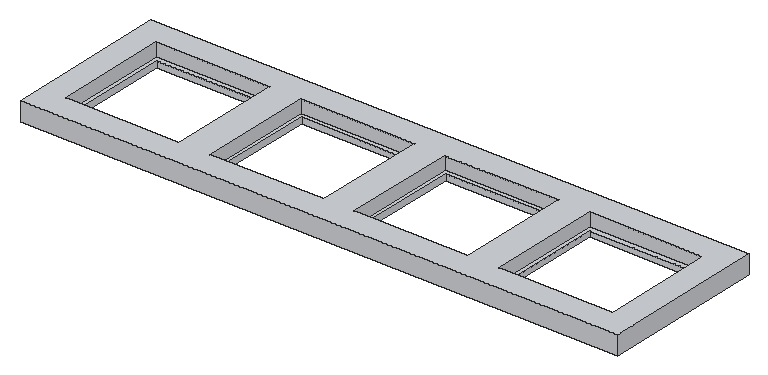
Revit family "Gira_021423", category Electrical Fixtures, host Face, Revit 2017
Family settings
  Host = Face
  Maintain Annotation Orientation = No
  Round Connector Dimension = Use Diameter
  Part Type = Normal
  Cut with Voids When Loaded = No
  Shared = No
  Room Calculation Point = No
Parameters (values of type "Abdeckrahmen 4f Gira E2 Anthrazit")
  Werkstoffgüte = "Thermoplast"
  Werkstoff = "Kunststoff"
  URL = "http://katalog.gira.de/de_DE/datenblatt.html?artikelnr=021423"
  Transparent = "No"
  Textfeld/Beschriftungsfläche = "No"
  Schutzart (IP) = "IP20"
  Region = "DE"
  Oberfläche = "sonstige"
  Name = "Abdeckrahmen 4f Gira E2 Anthrazit"
  Montagerichtung = "horizontal und vertikal"
  Mit Montagerahmen = "No"
  Mit Klappdeckel = "No"
  Manufacturer URL = "https://www.gira.de/"
  Keynote = "E2_Rahmen_4fach"
  HeinzeBIM = "https://bimportal.heinze.de/bim/abdeckrahmen-4f-gira-e2-anthrazit/d11127118706824d6a2c34ae50774727a986cde7"
  Halogenfrei = "Yes"
  HAN = "021423"
  Geeignet für Unterputz-Installation = "Yes"
  Geeignet für Unterflurkanaldose = "No"
  Geeignet für Geräteeinbaukanal = "No"
  Geeignet für Einbauinstallation = "No"
  GTIN = "4010337214236"
  Farbe = "anthrazit"
  Default Elevation = 1219.2 mm
  Data sheet (1) = "https://katalog.gira.de/de_DE/download.html?artikelnr=021423"
  Category = "Abdeckrahmen"
  Befestigungsart = "Klemmbefestigung"
  Available = "Yes"
  Anzahl der Einheiten vertikal = "4 "
  Anzahl der Einheiten horizontal = "4 "
  Anzahl der Einheiten = "4 "
Reference planes
  plane 1 "Center (Front/Back)": y = 0
  plane 2: z = 0
  plane 3 "Center (Left/Right)": x = 0
Forms (mm)
  Extrusion 1, solid, detail levels fine
    sketch origin (0, 0, 0) x (1, 0, 0) y (0, 1, 0)
      loop
        line (147.35, 40.4) -> (-147.35, 40.4) -> (-147.35, -40.4) -> (147.35, -40.4) -> (147.35, 40.4)
      loop
        line (78.898, 28.052) -> (78.898, -28.052) -> (135.002, -28.052) -> (135.002, 28.052) -> (78.898, 28.052)
      loop
        line (7.598, 28.052) -> (7.598, -28.052) -> (63.702, -28.052) -> (63.702, 28.052) -> (7.598, 28.052)
      loop
        line (-63.702, 28.052) -> (-63.702, -28.052) -> (-7.598, -28.052) -> (-7.598, 28.052) -> (-63.702, 28.052)
      loop
        line (-135.002, 28.052) -> (-135.002, -28.052) -> (-78.898, -28.052) -> (-78.898, 28.052) -> (-135.002, 28.052)
    from 0 to 9.3
  Extrusion 2, solid, detail levels fine
    sketch origin (-106.85, 0, 0) x (1, 0, 0) y (0, 1, 0)
      loop
        line (-28.152, -28.152) -> (28.152, -28.152) -> (28.152, 28.152) -> (-28.152, 28.152) -> (-28.152, -28.152)
      loop
        line (25.9, -25.7) -> (25.9, 25.7) -> (-25.9, 25.7) -> (-25.9, -25.7) -> (25.9, -25.7)
    from 0 to 3
  Extrusion 3, solid, detail levels coarse+medium
    sketch origin (0, 0, 0) x (1, 0, 0) y (0, 1, 0)
      loop
        line (147.35, 40.4) -> (-147.35, 40.4) -> (-147.35, -40.4) -> (147.35, -40.4) -> (147.35, 40.4)
    from 0 to 9.3
  Extrusion 4, solid, detail levels fine
    sketch origin (-35.55, -0.047, 0) x (1, 0, 0) y (0, 1, 0)
      loop
        line (-28.152, -28.106) -> (28.152, -28.106) -> (28.152, 28.199) -> (-28.152, 28.199) -> (-28.152, -28.106)
      loop
        line (25.9, -25.653) -> (25.9, 25.747) -> (-25.9, 25.747) -> (-25.9, -25.653) -> (25.9, -25.653)
    from 0 to 3
  Extrusion 5, solid, detail levels fine
    sketch origin (106.85, -0.047, 0) x (1, 0, 0) y (0, 1, 0)
      loop
        line (-27.952, -28.006) -> (28.152, -28.006) -> (28.152, 28.099) -> (-27.952, 28.099) -> (-27.952, -28.006)
      loop
        line (26, -25.653) -> (26, 25.747) -> (-25.9, 25.747) -> (-25.9, -25.653) -> (26, -25.653)
    from 0 to 3
  Extrusion 6, solid, detail levels fine
    sketch origin (35.55, -0.047, 0) x (1, 0, 0) y (0, 1, 0)
      loop
        line (-27.952, -28.006) -> (28.152, -28.006) -> (28.152, 28.099) -> (-27.952, 28.099) -> (-27.952, -28.006)
      loop
        line (26, -25.653) -> (26, 25.747) -> (-25.9, 25.747) -> (-25.9, -25.653) -> (26, -25.653)
    from 0 to 3
Dimensions and locks
  aligned and locked: plane 2 to host face
  aligned and locked: level to host face
